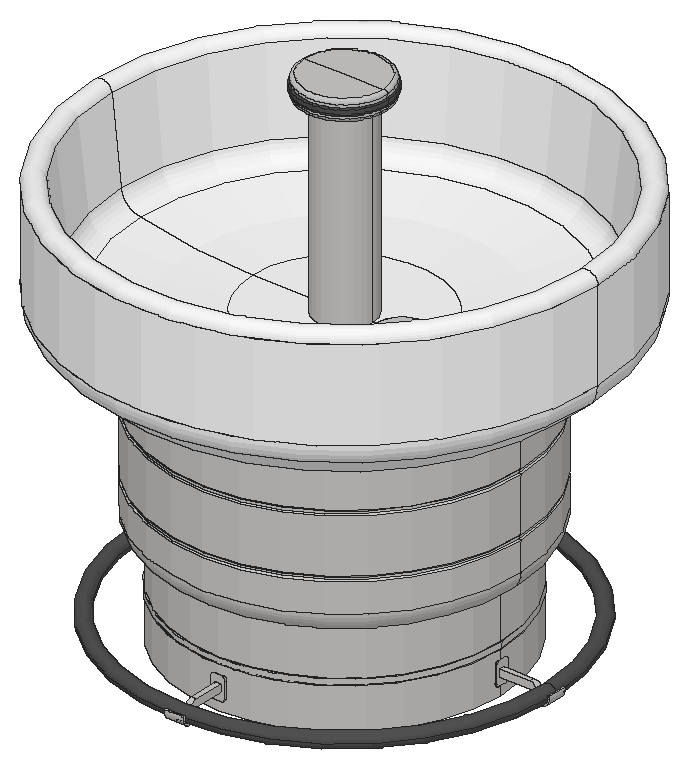
Revit family "Washfountain_Lavatory-Bradley_Corp-WF2605-Type_H_Drain", category Plumbing Fixtures, Revit 2012
Parameters (values of type "Standard")
  Width = 36.000"
  Warranty Information = ""
  WFU = 0
  Voltage = 110 V
  Version = "2.0"
  Vent Radius = Vent / 2  # 3/4"
  Vent Height [instance] = if(and(Sensor Module, Soap Dispenser, Towel Dispenser, Model ID = 2), 69.313", if(and(Sensor Module, Soap Dispenser, No Towel Dispenser, Model ID = 2), 47.625", if(and(Sensor Module, No Soap Dispenser, No Towel Dispenser, Model ID = 2), 39.125", if(and(Sensor Module, No Soap Dispenser, Towel Dispenser, Model ID = 2), 69.313", if(and(No Sensor Module, No Soap Dispenser, No Towel Dispenser, Model ID = 2), 35.625", if(and(No Sensor Module, No Soap Dispenser, Towel Dispenser, Model ID = 2), 65.813", if(and(No Sensor Module, Soap Dispenser, No Towel Dispenser, Model ID = 2), 44.125", if(and(No Sensor Module, Soap Dispenser, Towel Dispenser, Model ID = 2), 65.813", if(and(Sensor Module, Soap Dispenser, Towel Dispenser, Model ID = 1), 65.313", if(and(Sensor Module, Soap Dispenser, No Towel Dispenser, Model ID = 1), 43.625", if(and(Sensor Module, No Soap Dispenser, No Towel Dispenser, Model ID = 1), 35.125", if(and(Sensor Module, No Soap Dispenser, Towel Dispenser, Model ID = 1), 69.313", if(and(No Sensor Module, No Soap Dispenser, No Towel Dispenser, Model ID = 1), 31.625", if(and(No Sensor Module, No Soap Dispenser, Towel Dispenser, Model ID = 1), 61.813", if(and(No Sensor Module, Soap Dispenser, No Towel Dispenser, Model ID = 1), 40.125", 61.813")))))))))))))))  # 35.625"
  Vent = 1 1/2"
  URL = "http://www.bradleycorp.com/"
  Towel Dispenser Holder [instance] = if((Soap Dispenser), 5.375", 13.875")  # 13.875"
  Towel Dispenser Height [instance] = if(and(Soap Dispenser, Sensor Module, Model ID = 2), 53.000", if(and(No Soap Dispenser, Sensor Module, Model ID = 2), 53.000", if(and(Soap Dispenser, No Sensor Module, Model ID = 2), 49.500", if(and(No Soap Dispenser, No Sensor Module, Model ID = 2), 49.500", if(and(Soap Dispenser, Sensor Module, Model ID = 1), 49.000", if(and(No Soap Dispenser, Sensor Module, Model ID = 1), 49.000", if(and(Soap Dispenser, No Sensor Module, Model ID = 1), 45.500", 45.500")))))))  # 49.500"
  TouchTime® Control [instance] = no
  Technical Data = ""
  Standard Height = Model ID = 2  # yes
  Spray Head Height = 35.625"
  Specifications URL = "http://www.bradleycorp.com/3partspec"
  Soap Dispenser Holder [instance] = 2.500"  # constant formula
  Soap Dispenser Height [instance] = if(and(No Sensor Module, Model ID = 2), 44.125", if(and(Sensor Module, Model ID = 2), 47.625", if(and(No Sensor Module, Model ID = 1), 40.125", 43.625")))  # 44.125"
  Sensor Module Height = 39.125"
  Sensor Module [instance] = or(not(Foot Control Valve), TouchTime® Control, Air Valve Hand Control, Adaptive Infrared Activation Control)  # no
  Rim Height = 29.250"
  Product Tech Data URL - Spanish = ""
  Product Tech Data URL - French = ""
  Product Tech Data URL - English = "http://bradleycorp.com/download/1843/2019.pdf"
  Pedestal Material = Metal - Bradley Corp - Stainless Steel - Satin
  Pedestal Height = 19.000"
  Operating Water Pressure Range = "20 - 80 PSI"
  OmniClass Table 23 Title = "Sinks/Lavatories"
  OmniClass Table 23 Number = "23-31 13 00"
  OmniClass Table 21 Title = "Plumbing Fixtures"
  OmniClass Table 21 Number = "21-04 20 10 60"
  No Towel Dispenser [instance] = not(Towel Dispenser)  # yes
  No Soap Dispenser [instance] = not(Soap Dispenser)  # yes
  No Sensor Module [instance] = not(Sensor Module)  # yes
  Modeling Code = ""
  Model ID = 2
  Model = "WF2605"
  Material Note = "Other Terrazzo colors available - See www.bradleycorp.com"
  MasterFormat Title = "Commercial Lavatories and Sinks"
  MasterFormat Number = "22 42 16"
  Manufacturer = "Bradley Corp"
  Juvenile Height = Model ID = 1  # no
  Industry Standards = "ANSI Z124.3, Z124.6 and ANSI/ICPA SS-1-2001"
  Hot Lavatory Inlet Radius = Hot Lavatory Inlet / 2  # 1/2"
  Hot Lavatory Inlet = 1"
  HWFU = 0
  Frequency = 50 Hz
  Foot Control Valve [instance] = not(or(TouchTime® Control, Air Valve Hand Control, Adaptive Infrared Activation Control))  # yes
  Flow Rate = 2.0 GPM
  Fire Rating = "n/a"
  Drain Radius = Drain / 2  # 1"
  Drain = 2"
  Description = "Washfountain, 36\" Circular with 9\" Deep Bowl"
  Copyright = "This Model Data is Property of Bradley Corporation"
  Cold Lavatory Inlet Radius = Cold Lavatory Inlet / 2  # 1/2"
  Cold Lavatory Inlet = 1"
  CWFU = 0
  Buy American Act = "No"
  Button Visibility [instance] = or(TouchTime® Control, Air Valve Hand Control)  # no
  Bowl Material [instance] = Stone - Bradley Corp - White Marmorite
  Assembly Code = "D2010300"
  Air Valve Hand Control [instance] = no
  Adaptive Infrared Activation Control [instance] = no
  ADA Compliant = "Yes"
  Soap Dispenser [instance] = no
  Towel Dispenser [instance] = no
Reference planes (in)
  plane 1 "Center (Front/Back)": y = 0
  plane 2: z = 0
  plane 3 "Center (Left/Right)": x = 0
  plane 4 "Towel Dispenser": z = 49.5
  plane 5 "Soap Dispenser": z = 44.125
  plane 6 "Spray Head": z = 35.625
  plane 7 "Rim Height": z = 29.25
  plane 8 "Pedestal Height": z = 19
  plane 9 "Sensor Module": z = 39.125
  plane 10: z = 38.125
  plane 11: x = -18
  plane 12: x = 18
  plane 13: y = -18
  plane 14: y = 18
Forms (in)
  Revolve 1, solid, material "Metal - Bradley Corp - Stainless Steel - Satin" <- "Pedestal Material", visible <- "Juvenile Height", detail levels medium+fine
    sketch origin (-27, 0, 19) x (1, 0, 0) y (0, 0, 1)
      loop
        line (15.87417, -15) -> (27, -15) -> (27, -0.00013) -> (14.47131, -0.00013) -> (14.47131, -3.20448) -> (14.5585, -3.29168) -> (14.5585, -3.41498) -> (14.47131, -3.50217) -> (14.47131, -6.50912) -> (14.5585, -6.59631) -> (14.5585, -6.71962) -> (14.47131, -6.80681) -> (14.47131, -8.19729)
        arc (14.47131, -8.19729) -> (14.8822, -9.18927) -> (15.87417, -9.60015) r 1.40286
        line (15.87417, -9.60015) -> (15.87417, -11.547) -> (15.83845, -11.59351) -> (15.83845, -12.00036) -> (15.87417, -12.047) -> (15.87417, -15)
      axis (27, -15) -> (27, -0.00013)
    angle from 0 to 360
  Revolve 2, solid, material "Stone - Bradley Corp - White Marmorite" <- "Bowl Material", detail levels medium+fine
    sketch origin (-24.13744, 0, 29.25) x (-1, 0, 0) y (0, 0, -1)
      loop
        line (-6.13744, 0.75008) -> (-6.13744, 7.17157)
        arc (-6.13744, 7.17157) -> (-6.28968, 7.93694) -> (-6.72322, 8.58579) r 2
        line (-6.72322, 8.58579) -> (-8.69944, 10.25) -> (-22.13744, 10.25) -> (-22.13744, 8.688) -> (-17.63744, 8.688)
        arc (-17.63744, 8.688) -> (-13.61835, 8.45982) -> (-9.65091, 7.7782) r 35.50887
        arc (-9.65091, 7.7782) -> (-8.71636, 7.35965) -> (-8.26814, 6.43895) r 1.5
        line (-8.26814, 6.43895) -> (-7.62105, 0.59415)
        arc (-7.62105, 0.59415) -> (-6.80904, 0.00419) -> (-6.13744, 0.75008) r 0.75
      axis (-24.13744, 0.59415) -> (-24.13744, 10.25)
    angle from 0 to 360
  Revolve 3, solid, material "Metal - Bradley Corp - Stainless Steel - Satin" <- "Pedestal Material", visible <- "Standard Height", detail levels medium+fine
    sketch origin (-27, 0, 19) x (1, 0, 0) y (0, 0, 1)
      loop
        line (14.47131, -4.10731) -> (14.58179, -4.21779) -> (14.58179, -4.37404) -> (14.47131, -4.48453) -> (14.47131, -8.29481) -> (14.58179, -8.40529) -> (14.58179, -8.56154) -> (14.47131, -8.67203) -> (14.47131, -10.73243)
        arc (14.47131, -10.73243) -> (14.87684, -11.75818) -> (15.87417, -12.22929) r 1.5
        line (15.87417, -12.22929) -> (15.87417, -15.547) -> (15.83845, -15.59351) -> (15.83845, -16.00049) -> (15.87417, -16.047) -> (15.87417, -19) -> (27, -19) -> (27, -0.00013) -> (14.47131, -0.00013) -> (14.47131, -4.10731)
      axis (27, -0.00013) -> (27, -19)
    angle from 0 to 360
  Revolve 4, solid, material "Metal - Bradley Corp - Stainless Steel - Polished", detail levels fine
    sketch origin (-1.5, 0, 36.188) x (1, 0, 0) y (0, 0, 1)
      loop
        arc (-1.285, -0.56348) -> (-1.46178, -0.6367) -> (-1.535, -0.81348) r 0.25
        line (-1.535, -0.81348) -> (-1.535, -1.00848)
        arc (-1.535, -1.00848) -> (-1.60129, -1.03594) -> (-1.62875, -1.10223) r 0.09375
        line (-1.62875, -1.10223) -> (-1.62875, -1.41473)
        arc (-1.62875, -1.41473) -> (-1.60129, -1.48102) -> (-1.535, -1.50848) r 0.09375
        line (-1.535, -1.50848) -> (-1.535, -1.70348)
        arc (-1.535, -1.70348) -> (-1.46178, -1.88026) -> (-1.285, -1.95348) r 0.25
        line (-1.285, -1.95348) -> (-0.5, -1.95348) -> (-0.5, -17.188) -> (1.5, -17.188) -> (1.5, -0.56348) -> (-1.285, -0.56348)
      axis (1.5, -0.56348) -> (1.5, -17.188)
    angle from 0 to 360
  Revolve 5, solid, material "Metal - Bradley Corp - Stainless Steel - Polished", visible <- "Soap Dispenser", detail levels fine
    sketch origin (-27, 0, 44.125) x (1, 0, 0) y (0, 0, 1)
      loop
        line (20.98592, -1.64235) -> (21.01699, -1.64235) -> (21.01699, -2.89235) -> (21.06961, -2.89235) -> (21.06961, -4.14235) -> (21.12223, -4.14235) -> (21.12223, -5.39235) -> (21.19, -5.39235) -> (21.19, -6) -> (27, -6) -> (27, -5.75235) -> (27, 0.00086) -> (22.86016, 0.00086)
        arc (22.86016, 0.00086) -> (21.84739, -0.11897) -> (20.86029, -0.37529) r 7.48917
        line (20.86029, -0.37529) -> (20.86029, -1.00047) -> (20.98592, -1.00047) -> (20.98592, -1.64235)
      axis (27, 0.00086) -> (27, -6)
    angle from 0 to 360
  Extrusion 6, solid, material "Metal - Bradley Corp - Stainless Steel - Polished", visible <- "Towel Dispenser"
    sketch origin (0, 0, 0) x (1, 0, 0) y (0, 1, 0)
      loop
        circle (0, 0) r 2
    from 35.625 to 65.81283
  Extrusion 7, solid, material "Metal - Bradley Corp - Stainless Steel - Polished", visible <- "Towel Dispenser"
    sketch origin (0, -3.64603, -2.35417) x (0, 1, 0) y (0, 0, 1)
      loop
        line (10.89603, 53.22917) -> (10.89603, 66.4795) -> (6.89603, 67.167) -> (6.89603, 51.85417) -> (8.64603, 51.85417) -> (10.89603, 53.22917)
    from -5.5 to 5.5
  Extrusion 8, solid, material "Metal - Bradley Corp - Stainless Steel - Polished", visible <- "Towel Dispenser"
    sketch origin (3.15756, 1.82302, -2.35417) x (-0.866025, -0.5, 0) y (0, 0, 1)
      loop
        line (10.89603, 53.22917) -> (10.89603, 66.4795) -> (6.89603, 67.167) -> (6.89603, 51.85417) -> (8.64603, 51.85417) -> (10.89603, 53.22917)
    from -5.5 to 5.5
  Extrusion 9, solid, material "Metal - Bradley Corp - Stainless Steel - Polished", visible <- "Towel Dispenser"
    sketch origin (-3.15756, 1.82302, -2.35417) x (0.866025, -0.5, 0) y (0, 0, 1)
      loop
        line (10.89603, 53.22917) -> (10.89603, 66.4795) -> (6.89603, 67.167) -> (6.89603, 51.85417) -> (8.64603, 51.85417) -> (10.89603, 53.22917)
    from -5.5 to 5.5
  Revolve 10, solid, material "Stone - Bradley Corp - White Marmorite" <- "Bowl Material", detail levels coarse
    sketch origin (-24.13744, 0, 29.25) x (-1, 0, 0) y (0, 0, -1)
      loop
        line (-6.13744, 0) -> (-6.13744, 10.25) -> (-22.13744, 10.25) -> (-22.13744, 8.688) -> (-17.47542, 8.688) -> (-8.39355, 7.63199) -> (-7.5586, 0) -> (-6.13744, 0)
      axis (-24.13744, 0) -> (-24.13744, 10.25)
    angle from 0 to 360
  Revolve 11, solid, material "Metal - Bradley Corp - Stainless Steel - Satin" <- "Pedestal Material", visible <- "Juvenile Height", detail levels coarse
    sketch origin (-27, 0, 19) x (1, 0, 0) y (0, 0, 1)
      loop
        line (14.47131, 0) -> (14.47131, -9.60015) -> (15.87417, -9.60015) -> (15.87417, -15) -> (27, -15) -> (27, 0) -> (14.47131, 0)
      axis (27, 0) -> (27, -15)
    angle from 0 to 360
  Revolve 12, solid, material "Metal - Bradley Corp - Stainless Steel - Polished", visible <- "Soap Dispenser", detail levels coarse+medium
    sketch origin (0, 0, 0) x (1, 0, 0) y (0, 0, 1)
      loop
        line (0, 38.125) -> (0, 43.12453) -> (-6.13971, 43.12453) -> (-5.81, 38.125) -> (0, 38.125)
      axis (0, 43.12453) -> (0, 38.125)
    angle from 0 to 360
  Revolve 13, solid, material "Metal - Bradley Corp - Stainless Steel - Polished", detail levels coarse+medium
    sketch origin (-1.5, 0, 36.188) x (1, 0, 0) y (0, 0, 1)
      loop
        line (-1.62875, -1.50848) -> (-1.285, -1.95348) -> (-0.5, -1.95348) -> (-0.5, -17.188) -> (1.5, -17.188) -> (1.5, -0.56348) -> (-1.285, -0.56348) -> (-1.62875, -1.00848) -> (-1.62875, -1.50848)
      axis (1.5, -0.56348) -> (1.5, -17.188)
    angle from 0 to 360
  Revolve 14, solid, material "Metal - Bradley Corp - Stainless Steel - Polished", visible <- "Sensor Module", detail levels fine
    sketch origin (-1.5, 0, 39.125) x (1, 0, 0) y (0, 0, 1)
      loop
        line (-2.99987, -0.56541) -> (-2.99987, -1.98683)
        arc (-2.99987, -1.98683) -> (-2.98063, -2.08301) -> (-2.92587, -2.16439) r 0.25
        line (-2.92587, -2.16439) -> (-2.32309, -2.76716)
        arc (-2.32309, -2.76716) -> (-2.24199, -2.82135) -> (-2.14632, -2.84038) r 0.25
        line (-2.14632, -2.84038) -> (-0.5, -2.84038) -> (-0.5, -3.5) -> (1.5, -3.5) -> (1.5, 0) -> (-0.60282, 0)
        arc (-0.60282, 0) -> (-1.78099, -0.0858) -> (-2.95612, -0.2063) r 40.06
        arc (-2.95612, -0.2063) -> (-3.04124, -0.251) -> (-3.07537, -0.34072) r 0.135
        line (-3.07537, -0.34072) -> (-3.07537, -0.56541) -> (-2.99987, -0.56541)
      axis (1.5, 0) -> (1.5, -3.5)
    angle from 0 to 360
  Revolve 15, solid, material "Metal - Bradley Corp - Stainless Steel - Polished", visible <- "Sensor Module", detail levels coarse+medium
    sketch origin (-1.5, 0, 39.125) x (1, 0, 0) y (0, 0, 1)
      loop
        line (1.5, 0) -> (-3.07537, 0) -> (-3.07537, -2.01488) -> (-2.24987, -2.84038) -> (-0.5, -2.84038) -> (-0.5, -3.5) -> (1.5, -3.5) -> (1.5, 0)
      axis (1.5, 0) -> (1.5, -3.5)
    angle from 0 to 360
  Extrusion 16, solid, material "Metal - Bradley Corp - Stainless Steel - Polished", visible <- "Soap Dispenser"
    sketch origin (0, 0, 44.125) x (-1, 0, 0) y (0, -1, 0)
      loop
        circle (0, 0) r 2
    from -8.5 to -6
  Revolve 17, solid, material "Metal - Bradley Corp - Stainless Steel - Satin" <- "Pedestal Material", visible <- "Standard Height", detail levels coarse
    sketch origin (-27, 0, 19) x (1, 0, 0) y (0, 0, 1)
      loop
        line (14.47131, 0) -> (14.47131, -12.22916) -> (15.87417, -12.22916) -> (15.87417, -19) -> (27, -19) -> (27, 0) -> (14.47131, 0)
      axis (27, 0) -> (27, -19)
    angle from 0 to 360
  Extrusion 18, solid, material "Metal - Bradley Corp - Stainless Steel - Polished", visible <- "Towel Dispenser"
    sketch origin (0, 0, 49.5) x (-1, 0, 0) y (0, -1, 0)
      loop
        line (0.06458, 6.38814) -> (-0.06458, 6.38814) -> (-5.56458, -3.13814) -> (-5.5, -3.25) -> (5.5, -3.25) -> (5.56458, -3.13814) -> (0.06458, 6.38814)
      loop
        circle (0, 0) r 2
    from 14.62533 to 14.12533
  Extrusion 19, solid, material "Metal - Bradley Corp - Stainless Steel - Polished", visible <- "Towel Dispenser"
    sketch origin (0, 0, 49.5) x (-1, 0, 0) y (0, -1, 0)
      loop
        line (5.56458, -3.13814) -> (0.06458, 6.38814) -> (-0.06458, 6.38814) -> (-5.56458, -3.13814) -> (-5.5, -3.25) -> (5.5, -3.25) -> (5.56458, -3.13814)
      loop
        circle (0, 0) r 2
    from 1.07859 to 1.57859
  Sweep 20, solid, material "Plastic - Bradley Corp - Black", visible <- "Foot Control Valve"
    path in 3D
      loop
        arc (-14.513, 0, 0) -> (0, -14.513, 0) -> (14.513, 0, 0) r 14.513
        arc (14.513, 0, 0) -> (0, 14.513, 0) -> (-14.513, 0, 0) r 14.513
    profile origin (0, 14.513, 0) x (0, -1, 0) y (0, 0, 1)
      loop
        circle (0, 1.425) r 0.5
  Extrusion 21, solid, material "Metal - Bradley Corp - Stainless Steel - Satin", visible <- "Foot Control Valve"
    sketch origin (0, 0, 0) x (1, 0, 0) y (0, 0, 1)
      loop
        arc (-14.99607, 1.55401) -> (-15.03147, 1.61522) -> (-15.09268, 1.57982) r 0.05
        arc (-15.09268, 1.57982) -> (-14.52672, 0.82516) -> (-13.92685, 1.55315) r 0.6
        arc (-13.92685, 1.55315) -> (-13.98637, 1.59132) -> (-14.02454, 1.53179) r 0.05
        arc (-14.02454, 1.53179) -> (-14.52443, 0.92513) -> (-14.99607, 1.55401) r 0.5
    from -0.67078 to 0.67078
  Extrusion 22, solid, material "Metal - Bradley Corp - Stainless Steel - Satin", visible <- "Foot Control Valve"
    sketch origin (0, 0, 0) x (1, 0, 0) y (0, 0, 1)
      loop
        line (-11.12583, 1.26722) -> (-11.12583, 1.76722) -> (-13.31961, 1.76722)
        arc (-13.31961, 1.76722) -> (-13.66211, 1.67554) -> (-13.913, 1.425) r 0.68556
        arc (-13.913, 1.425) -> (-14.08874, 1.00074) -> (-14.513, 0.825) r 0.6
        arc (-14.513, 0.825) -> (-13.93667, 0.87324) -> (-13.46086, 1.202) r 1.12245
        arc (-13.46086, 1.202) -> (-13.3974, 1.25013) -> (-13.31961, 1.26722) r 0.18556
        line (-13.31961, 1.26722) -> (-11.12583, 1.26722)
    from -0.19715 to 0.18501
  Extrusion 23, solid, material "Metal - Bradley Corp - Stainless Steel - Satin", visible <- "Foot Control Valve"
    sketch origin (0, 0, 0) x (0, 1, 0) y (0, 0, 1)
      loop
        line (0.25316, 2.33562) -> (-0.24684, 2.33562)
        arc (-0.24684, 2.33562) -> (-0.42362, 2.2624) -> (-0.49684, 2.08562) r 0.25
        line (-0.49684, 2.08562) -> (-0.49684, 0.96062)
        arc (-0.49684, 0.96062) -> (-0.42362, 0.78385) -> (-0.24684, 0.71062) r 0.25
        line (-0.24684, 0.71062) -> (0.25316, 0.71062)
        arc (0.25316, 0.71062) -> (0.42994, 0.78385) -> (0.50316, 0.96062) r 0.25
        line (0.50316, 0.96062) -> (0.50316, 2.08562)
        arc (0.50316, 2.08562) -> (0.42994, 2.2624) -> (0.25316, 2.33562) r 0.25
      loop
        line (0.2403, 1.22902) -> (0.2403, 1.81722) -> (-0.2403, 1.81722) -> (-0.2403, 1.22902) -> (0.2403, 1.22902)
    from 11.12583 to 11.19421
  Extrusion 24, solid, material "Metal - Bradley Corp - Stainless Steel - Satin", visible <- "Foot Control Valve"
    sketch origin (0, 27, 18.797) x (0, -1, 0) y (0, 0, 1)
      loop
        arc (12.00393, -17.24299) -> (11.96853, -17.18178) -> (11.90732, -17.21718) r 0.05
        arc (11.90732, -17.21718) -> (12.47328, -17.97184) -> (13.07315, -17.24385) r 0.6
        arc (13.07315, -17.24385) -> (13.01363, -17.20568) -> (12.97546, -17.26521) r 0.05
        arc (12.97546, -17.26521) -> (12.47557, -17.87187) -> (12.00393, -17.24299) r 0.5
    from -0.67078 to 0.67078
  Extrusion 25, solid, material "Metal - Bradley Corp - Stainless Steel - Satin", visible <- "Foot Control Valve"
    sketch origin (0, 27, 18.797) x (0, -1, 0) y (0, 0, 1)
      loop
        line (15.87417, -17.52978) -> (15.87417, -17.02978) -> (13.68039, -17.02978)
        arc (13.68039, -17.02978) -> (13.33789, -17.12146) -> (13.087, -17.372) r 0.68556
        arc (13.087, -17.372) -> (12.91126, -17.79626) -> (12.487, -17.972) r 0.6
        arc (12.487, -17.972) -> (13.06333, -17.92376) -> (13.53914, -17.595) r 1.12245
        arc (13.53914, -17.595) -> (13.6026, -17.54687) -> (13.68039, -17.52978) r 0.18556
        line (13.68039, -17.52978) -> (15.87417, -17.52978)
    from -0.19715 to 0.18501
  Extrusion 26, solid, material "Metal - Bradley Corp - Stainless Steel - Satin", visible <- "Foot Control Valve"
    sketch origin (0, 0, 47.859) x (-1, 0, 0) y (0, 0, 1)
      loop
        arc (-0.25316, -45.52338) -> (-0.42994, -45.5966) -> (-0.50316, -45.77338) r 0.25
        line (-0.50316, -45.77338) -> (-0.50316, -46.89838)
        arc (-0.50316, -46.89838) -> (-0.42994, -47.07515) -> (-0.25316, -47.14838) r 0.25
        line (-0.25316, -47.14838) -> (0.24684, -47.14838)
        arc (0.24684, -47.14838) -> (0.42362, -47.07515) -> (0.49684, -46.89838) r 0.25
        line (0.49684, -46.89838) -> (0.49684, -45.77338)
        arc (0.49684, -45.77338) -> (0.42362, -45.5966) -> (0.24684, -45.52338) r 0.25
        line (0.24684, -45.52338) -> (-0.25316, -45.52338)
      loop
        line (-0.2403, -46.62998) -> (0.2403, -46.62998) -> (0.2403, -46.04178) -> (-0.2403, -46.04178) -> (-0.2403, -46.62998)
    from 11.12583 to 11.19421
  Extrusion 27, solid, material "Metal - Bradley Corp - Stainless Steel - Satin", visible <- "Foot Control Valve"
    sketch origin (27, 0, 18.797) x (-1, 0, 0) y (0, 0, 1)
      loop
        arc (12.00393, -17.24299) -> (11.96853, -17.18178) -> (11.90732, -17.21718) r 0.05
        arc (11.90732, -17.21718) -> (12.47328, -17.97184) -> (13.07315, -17.24385) r 0.6
        arc (13.07315, -17.24385) -> (13.01363, -17.20568) -> (12.97546, -17.26521) r 0.05
        arc (12.97546, -17.26521) -> (12.47557, -17.87187) -> (12.00393, -17.24299) r 0.5
    from -0.67078 to 0.67078
  Extrusion 28, solid, material "Metal - Bradley Corp - Stainless Steel - Satin", visible <- "Foot Control Valve"
    sketch origin (27, 0, 18.797) x (-1, 0, 0) y (0, 0, 1)
      loop
        line (15.87417, -17.52978) -> (15.87417, -17.02978) -> (13.68039, -17.02978)
        arc (13.68039, -17.02978) -> (13.33789, -17.12146) -> (13.087, -17.372) r 0.68556
        arc (13.087, -17.372) -> (12.91126, -17.79626) -> (12.487, -17.972) r 0.6
        arc (12.487, -17.972) -> (13.06333, -17.92376) -> (13.53914, -17.595) r 1.12245
        arc (13.53914, -17.595) -> (13.6026, -17.54687) -> (13.68039, -17.52978) r 0.18556
        line (13.68039, -17.52978) -> (15.87417, -17.52978)
    from -0.19715 to 0.18501
  Extrusion 29, solid, material "Metal - Bradley Corp - Stainless Steel - Satin", visible <- "Foot Control Valve"
    sketch origin (0, 0, 47.859) x (0, 1, 0) y (0, 0, 1)
      loop
        arc (-0.25316, -45.52338) -> (-0.42994, -45.5966) -> (-0.50316, -45.77338) r 0.25
        line (-0.50316, -45.77338) -> (-0.50316, -46.89838)
        arc (-0.50316, -46.89838) -> (-0.42994, -47.07515) -> (-0.25316, -47.14838) r 0.25
        line (-0.25316, -47.14838) -> (0.24684, -47.14838)
        arc (0.24684, -47.14838) -> (0.42362, -47.07515) -> (0.49684, -46.89838) r 0.25
        line (0.49684, -46.89838) -> (0.49684, -45.77338)
        arc (0.49684, -45.77338) -> (0.42362, -45.5966) -> (0.24684, -45.52338) r 0.25
        line (0.24684, -45.52338) -> (-0.25316, -45.52338)
      loop
        line (-0.2403, -46.62998) -> (0.2403, -46.62998) -> (0.2403, -46.04178) -> (-0.2403, -46.04178) -> (-0.2403, -46.62998)
    from 11.12583 to 11.19421
  Extrusion 30, solid, material "Metal - Bradley Corp - Stainless Steel - Satin", visible <- "Foot Control Valve"
    sketch origin (0, -27, 18.797) x (0, 1, 0) y (0, 0, 1)
      loop
        arc (12.00393, -17.24299) -> (11.96853, -17.18178) -> (11.90732, -17.21718) r 0.05
        arc (11.90732, -17.21718) -> (12.47328, -17.97184) -> (13.07315, -17.24385) r 0.6
        arc (13.07315, -17.24385) -> (13.01363, -17.20568) -> (12.97546, -17.26521) r 0.05
        arc (12.97546, -17.26521) -> (12.47557, -17.87187) -> (12.00393, -17.24299) r 0.5
    from -0.67078 to 0.67078
  Extrusion 31, solid, material "Metal - Bradley Corp - Stainless Steel - Satin", visible <- "Foot Control Valve"
    sketch origin (0, -27, 18.797) x (0, 1, 0) y (0, 0, 1)
      loop
        line (15.87417, -17.52978) -> (15.87417, -17.02978) -> (13.68039, -17.02978)
        arc (13.68039, -17.02978) -> (13.33789, -17.12146) -> (13.087, -17.372) r 0.68556
        arc (13.087, -17.372) -> (12.91126, -17.79626) -> (12.487, -17.972) r 0.6
        arc (12.487, -17.972) -> (13.06333, -17.92376) -> (13.53914, -17.595) r 1.12245
        arc (13.53914, -17.595) -> (13.6026, -17.54687) -> (13.68039, -17.52978) r 0.18556
        line (13.68039, -17.52978) -> (15.87417, -17.52978)
    from -0.19715 to 0.18501
  Extrusion 32, solid, material "Metal - Bradley Corp - Stainless Steel - Satin", visible <- "Foot Control Valve"
    sketch origin (0, 0, 47.859) x (1, 0, 0) y (0, 0, 1)
      loop
        arc (-0.25316, -45.52338) -> (-0.42994, -45.5966) -> (-0.50316, -45.77338) r 0.25
        line (-0.50316, -45.77338) -> (-0.50316, -46.89838)
        arc (-0.50316, -46.89838) -> (-0.42994, -47.07515) -> (-0.25316, -47.14838) r 0.25
        line (-0.25316, -47.14838) -> (0.24684, -47.14838)
        arc (0.24684, -47.14838) -> (0.42362, -47.07515) -> (0.49684, -46.89838) r 0.25
        line (0.49684, -46.89838) -> (0.49684, -45.77338)
        arc (0.49684, -45.77338) -> (0.42362, -45.5966) -> (0.24684, -45.52338) r 0.25
        line (0.24684, -45.52338) -> (-0.25316, -45.52338)
      loop
        line (-0.2403, -46.62998) -> (0.2403, -46.62998) -> (0.2403, -46.04178) -> (-0.2403, -46.04178) -> (-0.2403, -46.62998)
    from 11.12583 to 11.19421
  Extrusion 33, solid, material "Metal - Bradley Corp - Stainless Steel - Satin", visible <- "Foot Control Valve"
    sketch origin (0, 0, 47.859) x (0, 1, 0) y (0, 0, 1)
      loop
        arc (-0.25316, -45.52338) -> (-0.42994, -45.5966) -> (-0.50316, -45.77338) r 0.25
        line (-0.50316, -45.77338) -> (-0.50316, -46.89838)
        arc (-0.50316, -46.89838) -> (-0.42994, -47.07515) -> (-0.25316, -47.14838) r 0.25
        line (-0.25316, -47.14838) -> (0.24684, -47.14838)
        arc (0.24684, -47.14838) -> (0.42362, -47.07515) -> (0.49684, -46.89838) r 0.25
        line (0.49684, -46.89838) -> (0.49684, -45.77338)
        arc (0.49684, -45.77338) -> (0.42362, -45.5966) -> (0.24684, -45.52338) r 0.25
        line (0.24684, -45.52338) -> (-0.25316, -45.52338)
      loop
        line (-0.2403, -46.62998) -> (0.2403, -46.62998) -> (0.2403, -46.04178) -> (-0.2403, -46.04178) -> (-0.2403, -46.62998)
    from -11.12583 to -11.21099
  Extrusion 34, void
    sketch origin (0, 0, 19) x (-1, 0, 0) y (0, -1, 0)
      loop
        circle (-4, 0) r 1.75
    from 0 to 10.25
  Extrusion 35, solid, material "Metal - Bradley Corp - Stainless Steel - Polished", detail levels medium+fine
    sketch origin (0, 0, 19) x (-1, 0, 0) y (0, -1, 0)
      loop
        circle (-4, 0) r 1.75
      loop
        circle (-4, 0) r 0.1842
      loop
        circle (-4, -0.87771) r 0.1842
      loop
        circle (-3.12229, 0) r 0.1842
      loop
        circle (-4, 0.87771) r 0.1842
      loop
        circle (-4.87771, 0) r 0.1842
      loop
        circle (-4.62063, -0.62063) r 0.1842
      loop
        circle (-3.37937, -0.62063) r 0.1842
      loop
        circle (-3.37937, 0.62063) r 0.1842
      loop
        circle (-4.62063, 0.62063) r 0.1842
    from 1.47707 to 1.59297
  Extrusion 36, solid, material "Default", not visible, detail levels medium+fine
    sketch origin (0, 0, 0) x (1, 0, 0) y (0, 1, 0)
      loop
        circle (-7.625, 2.5) r 0.5
      loop
        circle (7.625, 2.5) r 0.5
    from 0 to 2.5
  Extrusion 37, solid, material "Default", not visible, detail levels medium+fine
    sketch origin (0, 0, 0) x (1, 0, 0) y (0, 1, 0)
      loop
        circle (0, 0) r 0.75
    from 0 to 35.625
  Extrusion 38, solid, material "Default", not visible, detail levels medium+fine
    sketch origin (0, 0, 0) x (1, 0, 0) y (0, 1, 0)
      loop
        circle (-4, 0) r 1
      loop
        line (-1, 5.5) -> (-1, 4.5) -> (1, 4.5) -> (1, 5.5) -> (-1, 5.5)
    from 0 to 2.99998
  Revolve 39, solid, material "Plastic - Bradley Corp - Black", visible <- "Soap Dispenser", detail levels coarse+medium
    sketch origin (-27, 0, 44.125) x (1, 0, 0) y (0, 0, 1)
      loop
        line (20.79431, 0) -> (20.86029, -1.00047) -> (27, -1.00047) -> (27, 0) -> (20.79431, 0)
      axis (27, 0) -> (27, -1.00047)
    angle from 0 to 360
  Extrusion 40, solid, material "Metal - Bradley Corp - Stainless Steel - Polished", visible <- "Button Visibility"
    sketch origin (-1.5, 0, 39.125) x (1, 0, 0) y (0, 0, 1)
      loop
        circle (1.5, -1.3649) r 0.5
    from 4.57537 to 4.97537
  Extrusion 41, solid, material "Metal - Bradley Corp - Stainless Steel - Polished", visible <- "Button Visibility"
    sketch origin (-1.5, 0, 39.125) x (1, 0, 0) y (0, 0, 1)
      loop
        circle (1.5, -1.3649) r 0.5
    from -4.97537 to -4.57537
  Extrusion 42, solid, material "Metal - Bradley Corp - Stainless Steel - Polished", visible <- "Button Visibility", detail levels fine
    sketch origin (-1.5, 0, 39.125) x (1, 0, 0) y (0, 0, 1)
      loop
        circle (1.5, -1.3649) r 0.25
    from 4.49987 to 4.57537
  Extrusion 43, solid, material "Metal - Bradley Corp - Stainless Steel - Polished", visible <- "Button Visibility", detail levels fine
    sketch origin (-1.5, 0, 39.125) x (1, 0, 0) y (0, 0, 1)
      loop
        circle (1.5, -1.3649) r 0.25
    from -4.57537 to -4.49987
Cuts and joins
  joined: Extrusion 21, Extrusion 22
  Extrusion 34 cuts Revolve 10
  Extrusion 34 cuts Revolve 2
Lines and regions (in)
  Masking region 1, detail levels coarse
    outline origin (-24.13744, 0, 29.25) x (-1, 0, 0) y (0, 0, -1)
      loop
        line (-6.13744, 0) -> (-6.13744, 10.25) -> (-42.13744, 10.25) -> (-42.13744, 0) -> (-6.13744, 0)
  Masking region 2, detail levels medium+fine
    outline origin (-24.13744, 0, 29.25) x (-1, 0, 0) y (0, 0, -1)
      loop
        arc (-6.88744, 0) -> (-6.35711, 0.21975) -> (-6.13744, 0.75008) r 0.75
        line (-6.13744, 0.75008) -> (-6.13744, 7.17157)
        arc (-6.13744, 7.17157) -> (-6.28968, 7.93694) -> (-6.72322, 8.58579) r 2
        line (-6.72322, 8.58579) -> (-8.69944, 10.25) -> (-39.57544, 10.25) -> (-41.55165, 8.58579)
        arc (-41.55165, 8.58579) -> (-41.98519, 7.93694) -> (-42.13744, 7.17157) r 2
        line (-42.13744, 7.17157) -> (-42.13744, 0.75008)
        arc (-42.13744, 0.75008) -> (-41.91777, 0.21975) -> (-41.38744, 0) r 0.75
        line (-41.38744, 0) -> (-6.88744, 0)
  Masking region 3, visible <- "Standard Height", detail levels medium+fine
    outline origin (-27, 0, 19) x (1, 0, 0) y (0, 0, 1)
      loop
        line (14.47131, 0) -> (14.47131, -4.10745) -> (14.58179, -4.21794) -> (14.58179, -4.37419) -> (14.47131, -4.48468) -> (14.47131, -8.29495) -> (14.58179, -8.40544) -> (14.58179, -8.56169) -> (14.47131, -8.67218) -> (14.47131, -10.73245)
        arc (14.47131, -10.73245) -> (14.87684, -11.7582) -> (15.87417, -12.22931) r 1.5
        line (15.87417, -12.22931) -> (15.87417, -15.54688) -> (15.83845, -15.59339) -> (15.83845, -16.00036) -> (15.87417, -16.04688) -> (15.87417, -19) -> (38.12583, -19) -> (38.12583, -16.04688) -> (38.16155, -16.00036) -> (38.16155, -15.59339) -> (38.12583, -15.54688) -> (38.12583, -12.22933)
        arc (38.12583, -12.22933) -> (39.12339, -11.75832) -> (39.52904, -10.73245) r 1.5
        line (39.52904, -10.73245) -> (39.52904, -8.67218) -> (39.41855, -8.56169) -> (39.41855, -8.40544) -> (39.52904, -8.29495) -> (39.52904, -4.48468) -> (39.41855, -4.37419) -> (39.41855, -4.21794) -> (39.52904, -4.10745) -> (39.52904, 0) -> (14.47131, 0)
  Masking region 4, visible <- "Standard Height", detail levels coarse
    outline origin (0, 0, 19) x (0, -1, 0) y (0, 0, 1)
      loop
        line (12.52869, 0) -> (-12.52869, 0) -> (-12.52869, -12.22916) -> (-11.12583, -12.22916) -> (-11.12583, -19) -> (11.12583, -19) -> (11.12583, -12.22916) -> (12.52869, -12.22916) -> (12.52869, 0)
  Masking region 5, visible <- "Standard Height", detail levels medium+fine
    outline origin (0, 0, 19) x (0, -1, 0) y (0, 0, 1)
      loop
        line (-12.52869, -4.10731) -> (-12.41821, -4.21779) -> (-12.41821, -4.37404) -> (-12.52869, -4.48453) -> (-12.52869, -8.29481) -> (-12.41821, -8.40529) -> (-12.41821, -8.56154) -> (-12.52869, -8.67203) -> (-12.52869, -10.73231)
        arc (-12.52869, -10.73231) -> (-12.12316, -11.75805) -> (-11.12583, -12.22916) r 1.5
        line (-11.12583, -12.22916) -> (-11.12583, -15.54688) -> (-11.16155, -15.59339) -> (-11.16155, -16.00036) -> (-11.12583, -16.04688) -> (-11.12583, -19) -> (11.12583, -19) -> (11.12583, -16.04687) -> (11.16155, -16.00036) -> (11.16155, -15.59339) -> (11.12583, -15.54687) -> (11.12583, -12.22916)
        arc (11.12583, -12.22916) -> (12.12316, -11.75805) -> (12.52869, -10.73231) r 1.5
        line (12.52869, -10.73231) -> (12.52869, -8.67203) -> (12.41821, -8.56154) -> (12.41821, -8.40529) -> (12.52869, -8.29481) -> (12.52869, -4.48453) -> (12.41821, -4.37404) -> (12.41821, -4.21779) -> (12.52869, -4.10731) -> (12.52869, 0) -> (-12.52869, 0) -> (-12.52869, -4.10731)
  Masking region 6, visible <- "Juvenile Height", detail levels coarse
    outline origin (0, 0, 14.79688) x (0, -1, 0) y (0, 0, -1)
      loop
        line (-12.52869, 0) -> (12.52869, 0) -> (12.52869, 9.60003) -> (11.12583, 9.60003) -> (11.12583, 14.79688) -> (-11.12583, 14.79688) -> (-11.12583, 9.60003) -> (-12.52869, 9.60003) -> (-12.52869, 0)
  Masking region 7, visible <- "Juvenile Height", detail levels medium+fine
    outline origin (0, 0, 14.79688) x (0, -1, 0) y (0, 0, -1)
      loop
        line (12.52869, -0.20312) -> (12.52869, 3.20436) -> (12.4415, 3.29155) -> (12.4415, 3.41486) -> (12.52869, 3.50205) -> (12.52869, 6.50899) -> (12.4415, 6.59619) -> (12.4415, 6.71949) -> (12.52869, 6.80668) -> (12.52869, 8.19717)
        arc (12.52869, 8.19717) -> (12.1178, 9.18914) -> (11.12583, 9.60003) r 1.40286
        line (11.12583, 9.60003) -> (11.12583, 11.54675) -> (11.16155, 11.59326) -> (11.16155, 12.00024) -> (11.12586, 12.04675) -> (11.12586, 14.79688) -> (-11.12586, 14.79688) -> (-11.12586, 12.04675) -> (-11.16155, 12.00024) -> (-11.16155, 11.59326) -> (-11.12583, 11.54675) -> (-11.12583, 9.60003)
        arc (-11.12583, 9.60003) -> (-12.1178, 9.18914) -> (-12.52869, 8.19717) r 1.40286
        line (-12.52869, 8.19717) -> (-12.52869, 6.80668) -> (-12.4415, 6.71949) -> (-12.4415, 6.59619) -> (-12.52869, 6.50899) -> (-12.52869, 3.50205) -> (-12.4415, 3.41486) -> (-12.4415, 3.29155) -> (-12.52869, 3.20436) -> (-12.52869, -0.20313) -> (12.52869, -0.20312)
  Masking region 8, detail levels coarse
    outline origin (0, 0, 29.25) x (0, -1, 0) y (0, 0, 1)
      loop
        line (-18, 0) -> (-18, -10.25) -> (18, -10.25) -> (18, 0) -> (-18, 0)
  Masking region 9, detail levels medium+fine
    outline origin (0, 0, 29.25) x (0, -1, 0) y (0, 0, 1)
      loop
        line (-15.43046, -10.25) -> (15.43046, -10.25) -> (17.41421, -8.58543)
        arc (17.41421, -8.58543) -> (17.84776, -7.93659) -> (18, -7.17122) r 2
        line (18, -7.17122) -> (18, -0.74972)
        arc (18, -0.74972) -> (17.78748, -0.22664) -> (17.27036, 0) r 0.75
        line (17.27036, 0) -> (-17.27036, 0)
        arc (-17.27036, 0) -> (-17.78748, -0.22664) -> (-18, -0.74972) r 0.75
        line (-18, -0.74972) -> (-18, -7.17122)
        arc (-18, -7.17122) -> (-17.84776, -7.93659) -> (-17.41421, -8.58543) r 2
        line (-17.41421, -8.58543) -> (-15.43046, -10.25)
  Masking region 10, visible <- "Soap Dispenser", detail levels fine
    outline origin (-27, 0, 44.125) x (1, 0, 0) y (0, 0, 1)
      loop
        line (20.98592, -1.64235) -> (21.01699, -1.64235) -> (21.01699, -2.89235) -> (21.06961, -2.89235) -> (21.06961, -4.14235) -> (21.12223, -4.14235) -> (21.12223, -5.39235) -> (21.19, -5.39235) -> (21.19, -6) -> (32.81, -6) -> (32.81, -5.39235) -> (32.87777, -5.39235) -> (32.87777, -4.14235) -> (32.93039, -4.14235) -> (32.93039, -2.89235) -> (32.98301, -2.89235) -> (32.98301, -1.64235) -> (33.01408, -1.64235) -> (33.01408, -1.00047) -> (33.13971, -1.00047) -> (33.13971, -0.37529)
        arc (33.13971, -0.37529) -> (32.18383, -0.11553) -> (31.20003, 0) r 6.67892
        line (31.20003, 0) -> (22.79997, 0)
        arc (22.79997, 0) -> (21.81617, -0.11553) -> (20.86029, -0.37529) r 6.67892
        line (20.86029, -0.37529) -> (20.86029, -1.00047) -> (20.98592, -1.00047) -> (20.98592, -1.64235)
  Masking region 11, visible <- "Soap Dispenser", detail levels coarse+medium
    outline origin (-27, 0, 44.125) x (1, 0, 0) y (0, 0, 1)
      loop
        line (20.79431, 0) -> (21.19, -6) -> (32.81, -6) -> (33.20569, 0) -> (20.79431, 0)
  Masking region 12, visible <- "Juvenile Height", detail levels medium+fine
    outline origin (-27, 0, 23.00013) x (1, 0, 0) y (0, 0, 1)
      loop
        line (15.87417, -15.55017) -> (15.87417, -13.60015)
        arc (15.87417, -13.60015) -> (14.8822, -13.18927) -> (14.47131, -12.19729) r 1.40286
        line (14.47131, -12.19729) -> (14.47131, -10.80681) -> (14.5585, -10.71962) -> (14.5585, -10.59631) -> (14.47131, -10.50912) -> (14.47131, -7.50217) -> (14.5585, -7.41498) -> (14.5585, -7.29168) -> (14.47131, -7.20448) -> (14.47131, -4.00013) -> (39.52869, -4.00013) -> (39.52869, -7.20448) -> (39.4415, -7.29168) -> (39.4415, -7.41498) -> (39.52869, -7.50217) -> (39.52869, -10.50912) -> (39.4415, -10.59631) -> (39.4415, -10.71962) -> (39.52869, -10.80681) -> (39.52869, -12.19729)
        arc (39.52869, -12.19729) -> (39.1178, -13.18927) -> (38.12583, -13.60015) r 1.40286
        line (38.12583, -13.60015) -> (38.12583, -15.54713) -> (38.16155, -15.59364) -> (38.16155, -16.00049) -> (38.12583, -16.04713) -> (38.12583, -19.00012) -> (15.87417, -19.00012) -> (15.87417, -16.04713) -> (15.83845, -16.00049) -> (15.83845, -15.59364) -> (15.87417, -15.54712)
  Masking region 13, visible <- "Soap Dispenser", detail levels coarse+medium
    outline origin (0, 0, 44.125) x (0, -1, 0) y (0, 0, 1)
      loop
        line (-6.20573, 0.00086) -> (-5.80997, -6) -> (5.80997, -6) -> (6.20573, 0.00086) -> (-6.20573, 0.00086)
  Masking region 14, visible <- "Soap Dispenser", detail levels fine
    outline origin (0, 0, 44.125) x (0, -1, 0) y (0, 0, 1)
      loop
        line (-6.01405, -1.64235) -> (-5.98298, -1.64235) -> (-5.98298, -2.89235) -> (-5.93037, -2.89235) -> (-5.93037, -4.14235) -> (-5.87775, -4.14235) -> (-5.87775, -5.39235) -> (-5.80997, -5.39235) -> (-5.80997, -6) -> (5.80997, -6) -> (5.80997, -5.39235) -> (5.87775, -5.39235) -> (5.87775, -4.14235) -> (5.93037, -4.14235) -> (5.93037, -2.89235) -> (5.98298, -2.89235) -> (5.98298, -1.64235) -> (6.01405, -1.64235) -> (6.01405, -1.00047) -> (6.13969, -1.00047) -> (6.13969, -0.37529)
        arc (6.13969, -0.37529) -> (5.15258, -0.11897) -> (4.13981, 0.00086) r 7.48917
        line (4.13981, 0.00086) -> (-4.13981, 0.00086)
        arc (-4.13981, 0.00086) -> (-5.15258, -0.11897) -> (-6.13969, -0.37529) r 7.48917
        line (-6.13969, -0.37529) -> (-6.13969, -1.00047) -> (-6.01405, -1.00047) -> (-6.01405, -1.64235)
  Masking region 15, detail levels coarse+medium
    outline origin (-1.5, 0, 36.188) x (1, 0, 0) y (0, 0, 1)
      loop
        line (-1.62875, -1.50848) -> (-1.285, -1.95348) -> (-0.5, -1.95348) -> (-0.5, -6.938) -> (3.5, -6.938) -> (3.5, -1.95348) -> (4.285, -1.95348) -> (4.62875, -1.50848) -> (4.62875, -1.00848) -> (4.285, -0.56348) -> (-1.285, -0.56348) -> (-1.62875, -1.00848) -> (-1.62875, -1.50848)
  Masking region 16, detail levels coarse+medium
    outline origin (0, 0, 35.625) x (0, -1, 0) y (0, 0, 1)
      loop
        line (-3.12875, -0.94548) -> (-2.785, -1.39048) -> (-2, -1.39048) -> (-2, -6.375) -> (2, -6.375) -> (2, -1.39048) -> (2.785, -1.39048) -> (3.12875, -0.94548) -> (3.12875, -0.44548) -> (2.785, -0.00048) -> (-2.785, -0.00048) -> (-3.12875, -0.44548) -> (-3.12875, -0.94548)
  Masking region 17, detail levels fine
    outline origin (0, 0, 35.625) x (0, -1, 0) y (0, 0, 1)
      loop
        arc (-2.785, -0.00048) -> (-2.96178, -0.0737) -> (-3.035, -0.25048) r 0.25
        line (-3.035, -0.25048) -> (-3.035, -0.44548)
        arc (-3.035, -0.44548) -> (-3.10129, -0.47294) -> (-3.12875, -0.53923) r 0.09375
        line (-3.12875, -0.53923) -> (-3.12875, -0.85173)
        arc (-3.12875, -0.85173) -> (-3.10129, -0.91802) -> (-3.035, -0.94548) r 0.09375
        line (-3.035, -0.94548) -> (-3.035, -1.14048)
        arc (-3.035, -1.14048) -> (-2.96178, -1.31726) -> (-2.785, -1.39048) r 0.25
        line (-2.785, -1.39048) -> (-2, -1.39048) -> (-2, -6.375) -> (2, -6.375) -> (2, -1.39048) -> (2.785, -1.39048)
        arc (2.785, -1.39048) -> (2.96178, -1.31726) -> (3.035, -1.14048) r 0.25
        line (3.035, -1.14048) -> (3.035, -0.94548)
        arc (3.035, -0.94548) -> (3.10129, -0.91802) -> (3.12875, -0.85173) r 0.09375
        line (3.12875, -0.85173) -> (3.12875, -0.53923)
        arc (3.12875, -0.53923) -> (3.10129, -0.47294) -> (3.035, -0.44548) r 0.09375
        line (3.035, -0.44548) -> (3.035, -0.25048)
        arc (3.035, -0.25048) -> (2.96178, -0.0737) -> (2.785, -0.00048) r 0.25
        line (2.785, -0.00048) -> (-2.785, -0.00048)
  Masking region 18, visible <- "Towel Dispenser"
    outline origin (-27, 0, 49.5) x (1, 0, 0) y (0, 0, 1)
      loop
        line (17.97132, 14.62533) -> (17.97132, 1.375) -> (19.91987, 0) -> (25, 0) -> (25, -13.875) -> (29, -13.875) -> (29, 0) -> (34.08013, 0) -> (36.02868, 1.375) -> (36.02868, 14.62533) -> (32.56458, 15.31283) -> (29, 15.31283) -> (29, 16.31283) -> (25, 16.31283) -> (25, 15.31283) -> (21.43542, 15.31283) -> (17.97132, 14.62533)
  Split face 1
    outline origin (-6.27868, -3.625, 50.875) x (0.738964, 0.426641, -0.52145) y (0.5, -0.866025, 0)
      loop
        line (2.06844, -4) -> (2.06844, 4)
        arc (2.06844, 4) -> (1.31844, 4.75) -> (0.56844, 4) r 0.75
        line (0.56844, 4) -> (0.56844, -4)
        arc (0.56844, -4) -> (1.31844, -4.75) -> (2.06844, -4) r 0.75
  Split face 2
    outline origin (6.27868, -3.625, 50.875) x (-0.738964, 0.426641, -0.52145) y (0.5, 0.866025, 0)
      loop
        line (0.56844, 4) -> (0.56844, -4)
        arc (0.56844, -4) -> (1.31844, -4.75) -> (2.06844, -4) r 0.75
        line (2.06844, -4) -> (2.06844, 4)
        arc (2.06844, 4) -> (1.31844, 4.75) -> (0.56844, 4) r 0.75
  Split face 3
    outline origin (0, 7.25, 50.875) x (0, -0.853282, -0.52145) y (-1, 0, 0)
      loop
        arc (0.56844, -4) -> (1.31844, -4.75) -> (2.06844, -4) r 0.75
        line (2.06844, -4) -> (2.06844, 4)
        arc (2.06844, 4) -> (1.31844, 4.75) -> (0.56844, 4) r 0.75
        line (0.56844, 4) -> (0.56844, -4)
  Masking region 19, visible <- "Towel Dispenser"
    outline origin (0, 0, 49.5) x (0, -1, 0) y (0, 0, 1)
      loop
        line (-3.25, 15.31283) -> (-7.25, 14.62533) -> (-7.25, 1.375) -> (-5, 0) -> (-2, 0) -> (-2, -13.875) -> (2, -13.875) -> (2, 0) -> (7.26314, 0) -> (8.38814, 1.375) -> (8.38814, 14.62533) -> (6.38814, 15.31283) -> (2, 15.31283) -> (2, 16.31283) -> (-2, 16.31283) -> (-2, 15.31283) -> (-3.25, 15.31283)
  Masking region 20, detail levels fine
    outline origin (-1.5, 0, 36.188) x (1, 0, 0) y (0, 0, 1)
      loop
        arc (-1.285, -0.56348) -> (-1.46178, -0.6367) -> (-1.535, -0.81348) r 0.25
        line (-1.535, -0.81348) -> (-1.535, -1.00848)
        arc (-1.535, -1.00848) -> (-1.60129, -1.03594) -> (-1.62875, -1.10223) r 0.09375
        line (-1.62875, -1.10223) -> (-1.62875, -1.41473)
        arc (-1.62875, -1.41473) -> (-1.60129, -1.48102) -> (-1.535, -1.50848) r 0.09375
        line (-1.535, -1.50848) -> (-1.535, -1.70348)
        arc (-1.535, -1.70348) -> (-1.46178, -1.88026) -> (-1.285, -1.95348) r 0.25
        line (-1.285, -1.95348) -> (-0.5, -1.95348) -> (-0.5, -6.938) -> (3.5, -6.938) -> (3.5, -1.95348) -> (4.285, -1.95348)
        arc (4.285, -1.95348) -> (4.46178, -1.88026) -> (4.535, -1.70348) r 0.25
        line (4.535, -1.70348) -> (4.535, -1.50848)
        arc (4.535, -1.50848) -> (4.60129, -1.48102) -> (4.62875, -1.41473) r 0.09375
        line (4.62875, -1.41473) -> (4.62875, -1.10223)
        arc (4.62875, -1.10223) -> (4.60129, -1.03594) -> (4.535, -1.00848) r 0.09375
        line (4.535, -1.00848) -> (4.535, -0.81348)
        arc (4.535, -0.81348) -> (4.46178, -0.6367) -> (4.285, -0.56348) r 0.25
        line (4.285, -0.56348) -> (-1.285, -0.56348)
  Masking region 21, visible <- "Sensor Module", detail levels fine
    outline origin (-1.5, 0, 39.125) x (1, 0, 0) y (0, 0, 1)
      loop
        line (-2.99987, -0.56541) -> (-2.99987, -1.98683)
        arc (-2.99987, -1.98683) -> (-2.98063, -2.08301) -> (-2.92587, -2.16439) r 0.25
        line (-2.92587, -2.16439) -> (-2.32309, -2.76716)
        arc (-2.32309, -2.76716) -> (-2.24199, -2.82135) -> (-2.14632, -2.84038) r 0.25
        line (-2.14632, -2.84038) -> (-0.5, -2.84038) -> (-0.5, -3.5) -> (3.5, -3.5) -> (3.5, -2.84038) -> (5.14632, -2.84038)
        arc (5.14632, -2.84038) -> (5.24199, -2.82135) -> (5.32309, -2.76716) r 0.25
        line (5.32309, -2.76716) -> (5.92587, -2.16439)
        arc (5.92587, -2.16439) -> (5.98063, -2.08301) -> (5.99987, -1.98683) r 0.25
        line (5.99987, -1.98683) -> (5.99987, -0.56541) -> (6.07537, -0.56541) -> (6.07537, -0.34072)
        arc (6.07537, -0.34072) -> (6.04124, -0.251) -> (5.95612, -0.20664) r 0.135
        arc (5.95612, -0.20664) -> (4.78099, -0.0858) -> (3.60282, 0) r 40.06
        line (3.60282, 0) -> (-0.60282, 0)
        arc (-0.60282, 0) -> (-1.78099, -0.0858) -> (-2.95612, -0.2063) r 40.06
        arc (-2.95612, -0.2063) -> (-3.04124, -0.251) -> (-3.07537, -0.34072) r 0.135
        line (-3.07537, -0.34072) -> (-3.07537, -0.56541) -> (-2.99987, -0.56541)
  Masking region 22, visible <- "Sensor Module", detail levels coarse+medium
    outline origin (-1.5, 0, 39.125) x (1, 0, 0) y (0, 0, 1)
      loop
        line (-3.07537, 0) -> (-3.07537, -2.01488) -> (-2.24987, -2.84038) -> (-0.5, -2.84038) -> (-0.5, -3.5) -> (3.5, -3.5) -> (3.5, -2.84038) -> (5.24987, -2.84038) -> (6.07537, -2.01488) -> (6.07537, 0) -> (-3.07537, 0)
  Masking region 23, visible <- "Sensor Module", detail levels fine
    outline origin (0, 1.5, 39.125) x (0, -1, 0) y (0, 0, 1)
      loop
        line (-2.99987, -0.56541) -> (-2.99987, -1.98683)
        arc (-2.99987, -1.98683) -> (-2.98063, -2.08301) -> (-2.92587, -2.16439) r 0.25
        line (-2.92587, -2.16439) -> (-2.32309, -2.76716)
        arc (-2.32309, -2.76716) -> (-2.24199, -2.82135) -> (-2.14632, -2.84038) r 0.25
        line (-2.14632, -2.84038) -> (-0.5, -2.84038) -> (-0.5, -3.5) -> (3.5, -3.5) -> (3.5, -2.84038) -> (5.14632, -2.84038)
        arc (5.14632, -2.84038) -> (5.24199, -2.82135) -> (5.32309, -2.76716) r 0.25
        line (5.32309, -2.76716) -> (5.92587, -2.16439)
        arc (5.92587, -2.16439) -> (5.98063, -2.08301) -> (5.99987, -1.98683) r 0.25
        line (5.99987, -1.98683) -> (5.99987, -0.56541) -> (6.07537, -0.56541) -> (6.07537, -0.34072)
        arc (6.07537, -0.34072) -> (6.04124, -0.251) -> (5.95612, -0.20664) r 0.135
        arc (5.95612, -0.20664) -> (4.78099, -0.0858) -> (3.60282, 0) r 40.06
        line (3.60282, 0) -> (-0.60282, 0)
        arc (-0.60282, 0) -> (-1.78099, -0.0858) -> (-2.95612, -0.2063) r 40.06
        arc (-2.95612, -0.2063) -> (-3.04124, -0.251) -> (-3.07537, -0.34072) r 0.135
        line (-3.07537, -0.34072) -> (-3.07537, -0.56541) -> (-2.99987, -0.56541)
  Masking region 24, visible <- "Sensor Module", detail levels coarse+medium
    outline origin (0, 1.5, 39.125) x (0, -1, 0) y (0, 0, 1)
      loop
        line (-3.07537, 0) -> (-3.07537, -2.01488) -> (-2.24987, -2.84038) -> (-0.5, -2.84038) -> (-0.5, -3.5) -> (3.5, -3.5) -> (3.5, -2.84038) -> (5.24987, -2.84038) -> (6.07537, -2.01488) -> (6.07537, 0) -> (-3.07537, 0)
  Masking region 25, visible <- "Soap Dispenser"
    outline origin (-1.5, 0, 39.125) x (1, 0, 0) y (0, 0, 1)
      loop
        line (-0.5, -1) -> (-0.5, -3.5) -> (3.5, -3.5) -> (3.5, -1) -> (-0.5, -1)
  Masking region 26, visible <- "Soap Dispenser"
    outline origin (0, 0, 44.125) x (0, -1, 0) y (0, 0, 1)
      loop
        line (-2, -6) -> (-2, -8.5) -> (2, -8.5) -> (2, -6) -> (-2, -6)
  Masking region 27
    outline origin (0, 0, 29.25) x (-1, 0, 0) y (0, -1, 0)
      loop
        circle (0, 0) r 18
  Masking region 28, visible <- "Towel Dispenser"
    outline origin (0, 0, 49.5) x (-1, 0, 0) y (0, -1, 0)
      loop
        line (-5.5, -7.25) -> (5.5, -7.25) -> (5.5, -3.25) -> (5.56458, -3.13814) -> (9.02868, -1.13814) -> (3.52868, 8.38814) -> (0.06458, 6.38814) -> (-0.06458, 6.38814) -> (-3.52868, 8.38814) -> (-9.02868, -1.13814) -> (-5.56458, -3.13814) -> (-5.5, -3.25) -> (-5.5, -7.25)
      loop
        circle (0, 0) r 2
  Masking region 29, visible <- "Soap Dispenser"
    outline origin (0, 0, 44.125) x (-1, 0, 0) y (0, -1, 0)
      loop
        circle (0, 0) r 6.13971
  Masking region 30, visible <- "Sensor Module"
    outline origin (0, 0, 39.125) x (-1, 0, 0) y (0, -1, 0)
      loop
        circle (0, 0) r 4.57537
  Masking region 31
    outline origin (0, 0, 35.625) x (-1, 0, 0) y (0, -1, 0)
      loop
        circle (0, 0) r 3.12875
  Masking region 32, visible <- "Juvenile Height", detail levels coarse
    outline origin (-27, 0, 19) x (1, 0, 0) y (0, 0, 1)
      loop
        line (14.47131, -9.60015) -> (15.87417, -9.60015) -> (15.87417, -15) -> (38.12583, -15) -> (38.12583, -9.60015) -> (39.52869, -9.60015) -> (39.52869, 0) -> (14.47131, 0) -> (14.47131, -9.60015)
  Masking region 33, visible <- "Standard Height", detail levels coarse
    outline origin (-27, 0, 19) x (1, 0, 0) y (0, 0, 1)
      loop
        line (14.47131, -12.22916) -> (15.87417, -12.22916) -> (15.87417, -19) -> (38.12583, -19) -> (38.12583, -12.22916) -> (39.52869, -12.22916) -> (39.52869, 0) -> (14.47131, 0) -> (14.47131, -12.22916)
  Masking region 34, visible <- "Foot Control Valve", detail levels fine
    outline origin (0, 0, 0) x (1, 0, 0) y (0, 0, 1)
      loop
        arc (-14.513, 1.925) -> (-14.81754, 1.82155) -> (-14.99607, 1.55401) r 0.5
        arc (-14.99607, 1.55401) -> (-15.03147, 1.61522) -> (-15.09268, 1.57982) r 0.05
        arc (-15.09268, 1.57982) -> (-14.98886, 1.05955) -> (-14.513, 0.825) r 0.6
        arc (-14.513, 0.825) -> (-14.15606, 0.8188) -> (-13.81522, 0.925) r 1.12245
        line (-13.81522, 0.925) -> (-0.67078, 0.925) -> (-0.67078, 0.825) -> (-0.46318, 0.825)
        arc (-0.46318, 0.825) -> (-0.37273, 0.74107) -> (-0.25316, 0.71062) r 0.25
        line (-0.25316, 0.71062) -> (0.25316, 0.71062)
        arc (0.25316, 0.71062) -> (0.37273, 0.74107) -> (0.46318, 0.825) r 0.25
        line (0.46318, 0.825) -> (0.67078, 0.825) -> (0.67078, 0.925) -> (13.81522, 0.925)
        arc (13.81522, 0.925) -> (14.15606, 0.8188) -> (14.513, 0.825) r 1.12245
        arc (14.513, 0.825) -> (14.98886, 1.05955) -> (15.09268, 1.57982) r 0.6
        arc (15.09268, 1.57982) -> (15.03147, 1.61522) -> (14.99607, 1.55401) r 0.05
        arc (14.99607, 1.55401) -> (14.81754, 1.82155) -> (14.513, 1.925) r 0.5
        line (14.513, 1.925) -> (0.50316, 1.925) -> (0.50316, 2.08562)
        arc (0.50316, 2.08562) -> (0.42994, 2.2624) -> (0.25316, 2.33562) r 0.25
        line (0.25316, 2.33562) -> (-0.25316, 2.33562)
        arc (-0.25316, 2.33562) -> (-0.42994, 2.2624) -> (-0.50316, 2.08562) r 0.25
        line (-0.50316, 2.08562) -> (-0.50316, 1.925) -> (-14.513, 1.925)
  Masking region 35, visible <- "Foot Control Valve", detail levels coarse+medium
    outline origin (0, 0, 0) x (1, 0, 0) y (0, 0, 1)
      loop
        line (14.513, 1.925) -> (-14.513, 1.925)
        arc (-14.513, 1.925) -> (-15.013, 1.425) -> (-14.513, 0.925) r 0.5
        line (-14.513, 0.925) -> (14.513, 0.925)
        arc (14.513, 0.925) -> (15.013, 1.425) -> (14.513, 1.925) r 0.5
  Masking region 36, visible <- "Foot Control Valve", detail levels fine
    outline origin (0, 0, 0) x (0, 1, 0) y (0, 0, 1)
      loop
        line (14.513, 1.925) -> (0.50316, 1.925) -> (0.50316, 2.08562)
        arc (0.50316, 2.08562) -> (0.42994, 2.2624) -> (0.25316, 2.33562) r 0.25
        line (0.25316, 2.33562) -> (-0.25316, 2.33562)
        arc (-0.25316, 2.33562) -> (-0.42994, 2.2624) -> (-0.50316, 2.08562) r 0.25
        line (-0.50316, 2.08562) -> (-0.50316, 1.925) -> (-14.513, 1.925)
        arc (-14.513, 1.925) -> (-14.81754, 1.82155) -> (-14.99607, 1.55401) r 0.5
        arc (-14.99607, 1.55401) -> (-15.03147, 1.61522) -> (-15.09268, 1.57982) r 0.05
        arc (-15.09268, 1.57982) -> (-14.98886, 1.05955) -> (-14.513, 0.825) r 0.6
        arc (-14.513, 0.825) -> (-14.15606, 0.8188) -> (-13.81522, 0.925) r 1.12245
        line (-13.81522, 0.925) -> (-0.67078, 0.925) -> (-0.67078, 0.825) -> (-0.46318, 0.825)
        arc (-0.46318, 0.825) -> (-0.37273, 0.74107) -> (-0.25316, 0.71062) r 0.25
        line (-0.25316, 0.71062) -> (0.25316, 0.71062)
        arc (0.25316, 0.71062) -> (0.37273, 0.74107) -> (0.46318, 0.825) r 0.25
        line (0.46318, 0.825) -> (0.67078, 0.825) -> (0.67078, 0.925) -> (13.81522, 0.925)
        arc (13.81522, 0.925) -> (14.15606, 0.8188) -> (14.513, 0.825) r 1.12245
        arc (14.513, 0.825) -> (14.98886, 1.05955) -> (15.09268, 1.57982) r 0.6
        arc (15.09268, 1.57982) -> (15.03147, 1.61522) -> (14.99607, 1.55401) r 0.05
        arc (14.99607, 1.55401) -> (14.81754, 1.82155) -> (14.513, 1.925) r 0.5
  Masking region 37, visible <- "Foot Control Valve", detail levels coarse+medium
    outline origin (0, 0, 0) x (0, 1, 0) y (0, 0, 1)
      loop
        line (14.513, 1.925) -> (-14.513, 1.925)
        arc (-14.513, 1.925) -> (-15.013, 1.425) -> (-14.513, 0.925) r 0.5
        line (-14.513, 0.925) -> (14.513, 0.925)
        arc (14.513, 0.925) -> (15.013, 1.425) -> (14.513, 1.925) r 0.5
  Masking region 38, visible <- "Button Visibility"
    outline origin (0, 1.5, 39.125) x (0, -1, 0) y (0, 0, 1)
      loop
        line (-3.47537, -0.8649) -> (-3.47537, -1.8649) -> (-3.07537, -1.8649) -> (-3.07537, -0.8649) -> (-3.47537, -0.8649)
      loop
        line (6.47537, -0.8649) -> (6.07537, -0.8649) -> (6.07537, -1.8649) -> (6.47537, -1.8649) -> (6.47537, -0.8649)
  Masking region 39, visible <- "Button Visibility", detail levels fine
    outline origin (0, 1.5, 39.125) x (0, -1, 0) y (0, 0, 1)
      loop
        line (-3.07537, -1.1149) -> (-3.07537, -1.6149) -> (-2.99987, -1.6149) -> (-2.99987, -1.1149) -> (-3.07537, -1.1149)
      loop
        line (5.99987, -1.1149) -> (5.99987, -1.6149) -> (6.07537, -1.6149) -> (6.07537, -1.1149) -> (5.99987, -1.1149)
  Masking region 40, visible <- "Foot Control Valve", detail levels fine
    outline origin (0, 0, 0) x (1, 0, 0) y (0, 0, 1)
      loop
        line (-11.21099, 2.33562) -> (-11.21099, 1.925) -> (-11.12583, 1.925) -> (-11.12583, 2.33562) -> (-11.21099, 2.33562)
      loop
        line (-11.21099, 0.71062) -> (-11.12583, 0.71062) -> (-11.12583, 0.925) -> (-11.21099, 0.925) -> (-11.21099, 0.71062)
      loop
        line (11.19421, 2.33562) -> (11.12583, 2.33562) -> (11.12583, 1.925) -> (11.19421, 1.925) -> (11.19421, 2.33562)
      loop
        line (11.19421, 0.71062) -> (11.19421, 0.925) -> (11.12583, 0.925) -> (11.12583, 0.71062) -> (11.19421, 0.71062)
  Masking region 41, visible <- "Foot Control Valve", detail levels fine
    outline origin (0, 0, 0) x (0, 1, 0) y (0, 0, 1)
      loop
        line (11.19421, 2.33562) -> (11.12586, 2.33562) -> (11.12586, 1.925) -> (11.19421, 1.925) -> (11.19421, 2.33562)
      loop
        line (11.19421, 0.71062) -> (11.19421, 0.925) -> (11.12583, 0.925) -> (11.12583, 0.71062) -> (11.19421, 0.71062)
      loop
        line (-11.19421, 2.33562) -> (-11.19421, 1.925) -> (-11.12583, 1.925) -> (-11.12583, 2.33562) -> (-11.19421, 2.33562)
      loop
        line (-11.19421, 0.71062) -> (-11.12583, 0.71062) -> (-11.12583, 0.925) -> (-11.19421, 0.925) -> (-11.19421, 0.71062)
  reference lines
    curve 1: line (-24.13744, 0, 29.25) -> (-27, 0, 29.25)
    curve 2: line (-27, 0, 44.125) -> (-18.13744, 0, 44.125)
    curve 3: line (-27, 0, 35.625) -> (-24.13744, 0, 35.625)
    curve 14: line (-27, 0, 19) -> (-19, 0, 19)
    curve 28: line (0, 0, 19) -> (0, -7, 19)
    curve 61: line (0, 0, 29.25) -> (0, -5, 29.25)
    curve 68: line (0, 0, 44.125) -> (0, -5, 44.125)
